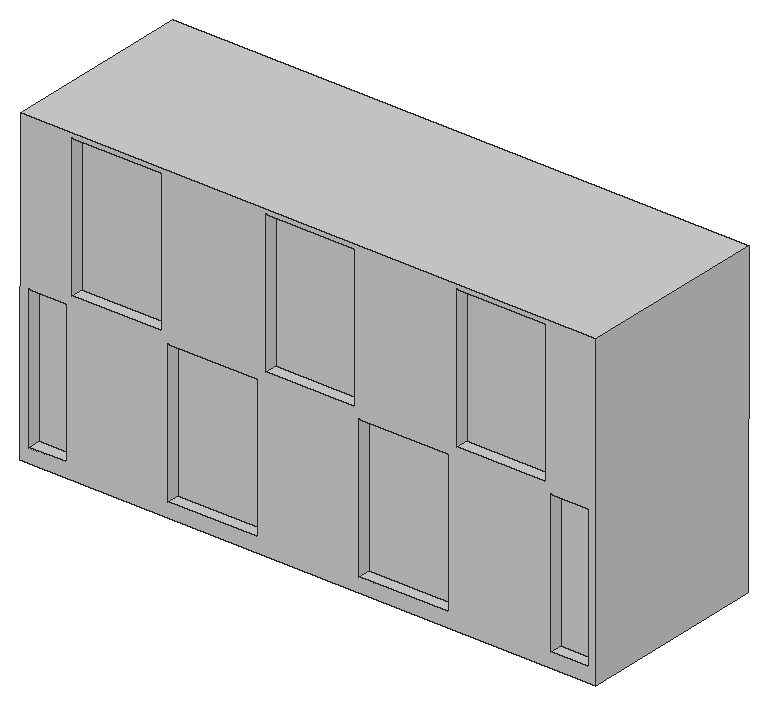
Revit family "SA 5H6W", category Mechanical Equipment, Revit 2019
Family settings
  Round Connector Dimension = Use Diameter
  Part Type = Normal
  OmniClass Number = 23.75.00.00
  OmniClass Title = Climate Control (HVAC)
  Work Plane-Based = No
  Always vertical = Yes
  Cut with Voids When Loaded = No
  Shared = No
  Room Calculation Point = No
Parameters (values of type "5H6W SA")
  Width = 5' - 4 1/2"
  Weight (lbs.) = "3431"
  URL = "www.renewaire.com"
  Model = "5H6W SA"
  Manufacturer = "Renewaire LLC"
  Length = 16' - 3 3/8"
  Housing = Metal - RenewAire - Anodized - Gray Text
  Height = 8' - 9 3/8"
  Description = "Energy Recovery Ventilator"
  Cores (L125-G5) = "30"
  Airflow Range (CFM) = "7,500-33,000"
Reference planes (in)
  plane 1 "Center (Front/Back)": y = 0
  plane 2: z = 0
  plane 3 "Center (Left/Right)": x = 0
Forms (in)
  Extrusion 1, solid, material "Metal - RenewAire - Anodized - Gray Text" <- "Housing"
    sketch origin (0, -16.07731, 0) x (0, 1, 0) y (0, 0, 1)
      loop
        line (32.26413, 125.25) -> (-32.26413, 125.25) -> (-32.26413, 19.875) -> (32.26413, 19.875) -> (32.26413, 125.25)
    from 0 to 195.375
  Extrusion 2, void
    sketch origin (0.62375, -14.11828, 19.48574) x (1, 0, 0) y (0, 0, 1)
      loop
        line (2.375, 53.375) -> (2.375, 5.25) -> (15.17072, 5.25) -> (15.17072, 53.375) -> (2.375, 53.375)
      loop
        line (49.50854, 53.375) -> (49.50854, 5.25) -> (79.83716, 5.25) -> (79.83716, 53.375) -> (49.50854, 53.375)
      loop
        line (47.32983, 104.5) -> (17.00122, 104.5) -> (17.00122, 56.375) -> (47.32983, 56.375) -> (47.32983, 104.5)
      loop
        line (82.52479, 104.5) -> (82.52479, 56.375) -> (112.77479, 56.375) -> (112.77479, 104.5) -> (82.52479, 104.5)
      loop
        line (114.375, 53.375) -> (114.375, 5.25) -> (144.625, 5.25) -> (144.625, 53.375) -> (114.375, 53.375)
      loop
        line (147.42055, 104.5) -> (147.42055, 56.375) -> (177.67055, 56.375) -> (177.67055, 104.5) -> (147.42055, 104.5)
      loop
        line (179.375, 53.375) -> (179.375, 5.25) -> (192.17072, 5.25) -> (192.17072, 53.375) -> (179.375, 53.375)
    from 30 to 38.22316
  Extrusion 3, void
    sketch origin (1.03232, 49.88172, -1.14653) x (1, 0, 0) y (0, 0, 1)
      loop
        line (1.96643, 74.00727) -> (1.96643, 25.88013) -> (14.76215, 25.88013) -> (14.76215, 74.00727) -> (1.96643, 74.00727)
      loop
        line (49.09998, 74.00727) -> (49.09998, 25.88013) -> (79.42859, 25.88013) -> (79.42859, 74.00727) -> (49.09998, 74.00727)
      loop
        line (46.92126, 125.13227) -> (16.59265, 125.13227) -> (16.59265, 77.00727) -> (46.92126, 77.00727) -> (46.92126, 125.13227)
      loop
        line (82.11622, 125.13227) -> (82.11622, 77.00727) -> (112.36622, 77.00727) -> (112.36622, 125.13227) -> (82.11622, 125.13227)
      loop
        line (144.21643, 74.00727) -> (113.96643, 74.00727) -> (113.96643, 25.88227) -> (144.21643, 25.88227) -> (144.21643, 74.00727)
      loop
        line (177.26198, 125.13227) -> (147.01198, 125.13227) -> (147.01198, 77.00727) -> (177.26198, 77.00727) -> (177.26198, 125.13227)
      loop
        line (191.76215, 74.00727) -> (178.96643, 74.00727) -> (178.96643, 25.88227) -> (191.76215, 25.88227) -> (191.76215, 74.00727)
    from 30 to 38.22316
Cuts and joins
  Extrusion 2, Extrusion 3 cuts Extrusion 1
Dimensions and locks (in)
  aligned and locked: level to plane 2
